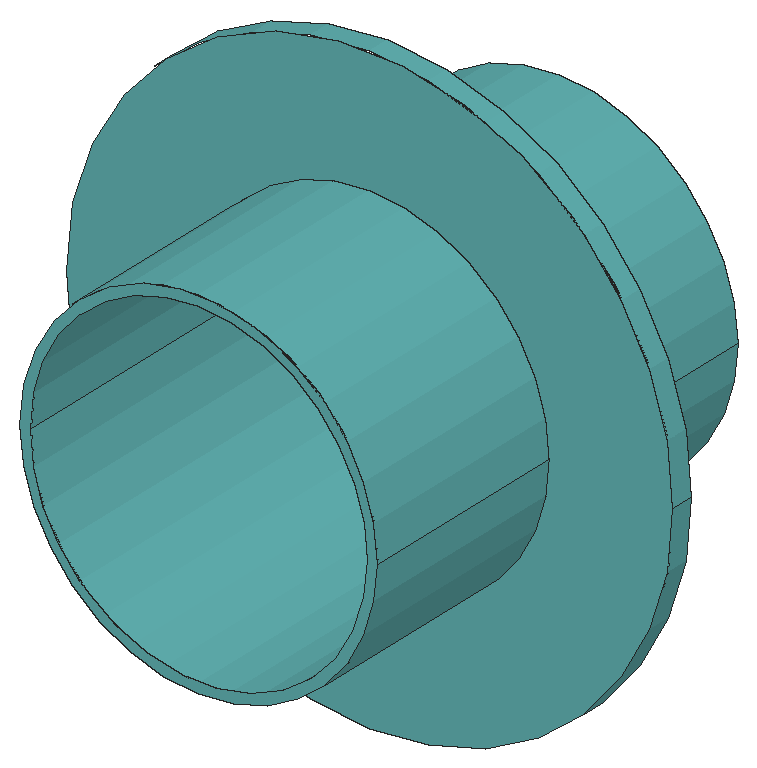
Revit family "PipeAccessory-A", category 管件, Revit 2018
Family settings
  圆形连接件大小 = 使用直径
  零件类型 = 多个端口
  基于工作平面 = 否
  总是垂直 = 是
  加载时剪切的空心 = 是
  共享 = 否
Parameters (values of type "标准")
  系统缩写 [instance] = ""
  穿管长度 [instance] = 200 mm
  穿管管径 [instance] = 100 mm
  洞口类型 [instance] = ""
  材质 = 绿漆钢
  挡圈外径 [instance] = size_lookup([02S404刚性防水套管A型], "D4", if(穿管管径 < 300 mm, 套管外径 + 110 mm, if(穿管管径 < 500 mm, 套管外径 + 120 mm, 套管外径 + 140 mm)), 穿管管径)  # 270 mm
  挡圈厚度 [instance] = size_lookup([02S404刚性防水套管A型], "b", 10 mm + rounddown(穿管管径 / 100 mm) * 2 mm, 穿管管径)  # 10 mm
  底部标高BL [instance] = 中心标高CL - 套管外径 / 2  # -79.5 mm
  套管长度 [instance] = 穿管长度 + 外伸长度 + 内伸长度  # 200 mm
  套管管径 [instance] = size_lookup([02S404刚性防水套管A型], "D0", if(穿管管径 < 32 mm, 50 mm, if(穿管管径 < 500 mm, 穿管管径 + 50 mm, 穿管管径 + 100 mm)), 穿管管径)  # 150 mm
  套管外径 [instance] = size_lookup([02S404刚性防水套管A型], "D3", if(穿管管径 < 200 mm, 穿管管径 + 60 mm, if(穿管管径 < 500 mm, 穿管管径 + 80 mm, 穿管管径 + 100 mm)), 穿管管径)  # 159 mm
  套管壁厚 [instance] = size_lookup([02S404刚性防水套管A型], "Delta", 8 mm + roundup((穿管管径 - 800 mm) / 200 mm) * 2 mm, 穿管管径)  # 4.5 mm
  套管内径 [instance] = 套管外径 - 套管壁厚 * 2  # 150 mm
  外伸长度 = 0 mm
  内伸长度 = 0 mm
  built-in parameter 1114242 [instance] = (empty or 0)
  中心标高CL [instance] = 0 mm
  02S404刚性防水套管A型 = "Rigid Waterproof Casing Pipe - A"
Reference planes
  plane 1 "中心(前/后)": y = 0
  plane 2: z = 0
  plane 3 "中心(左/右)": x = 0
  plane 4: z = 0
  plane 5: y = -100
  plane 6: y = 100
  plane 7: y = -100
  plane 8: y = 100
  plane 9: x = -79.5
  plane 10: x = 79.5
  plane 11: x = -135
  plane 12: x = 135
  plane 13: z = 79.5
  plane 14: z = -79.5
Forms (mm)
  Sweep 1, void
    path in 3D
      loop
        line (0, -100, 0) -> (0, 100, 0)
    profile origin (0, 0, 0) x (-1, 0, 0) y (0, 0, 1)
      loop
        circle (0, 0) r 79.5
  Sweep 2, solid, material "绿漆钢" <- "材质", detail levels fine
    path in 3D
      loop
        line (0, -100, 0) -> (0, 100, 0)
    profile origin (0, 0, 0) x (-1, 0, 0) y (0, 0, 1)
      loop
        circle (0, 0) r 79.5
      loop
        circle (0, 0) r 75
  Sweep 3, solid, material "绿漆钢" <- "材质", detail levels fine
    path origin (0, 0, 0) x (1, 0, 0) y (0, 1, 0)
      loop
        line (0, -5) -> (0, 5)
    profile origin (0, 0, 0) x (-1, 0, 0) y (0, 0, 1)
      loop
        circle (0, 0) r 79.5
      loop
        circle (0, 0) r 135
Lines and regions (mm)
  reference lines
    curve 1: line (0, -100, 0) -> (0, 100, 0)
  sketch lines
    curve 2: line (0, -100, 0) -> (0, 100, 0)
    curve 3: line (0, -100, 0) -> (0, 100, 0)
  model lines, style "套管洞口二维", detail levels coarse+medium
    curve 4: circle (0, 0, 0) r 135 normal (0, -1, 0)
    curve 5: circle (0, 0, 0) r 79.5 normal (0, -1, 0)
    curve 6: line (0, 100, 79.5) -> (0, -100, 79.5)
    curve 7: line (0, 100, -79.5) -> (0, -100, -79.5)
    curve 8: line (-79.5, 100, 0) -> (-79.5, -100, 0)
    curve 9: line (79.5, 100, 0) -> (79.5, -100, 0)
    curve 10: line (79.5, 0, 0) -> (135, 0, 0)
    curve 11: line (-79.5, 0, 0) -> (-135, 0, 0)
Dimensions and locks
  "内伸长度": plane 5 to plane 7
  equal spacing: plane 6, plane 1 "中心(前/后)", plane 5
  "穿管长度": plane 6 to plane 5
  "外伸长度": plane 8 to plane 6
  "挡圈厚度": Sweep 3 sketch curve to Sweep 3 sketch curve
  equal spacing: Sweep 3 sketch curve, plane 1 "中心(前/后)", Sweep 3 sketch curve
  equal spacing: plane 9, plane 3 "中心(左/右)", plane 10
  "套管外径": plane 9 to plane 10
  equal spacing: plane 11, plane 3 "中心(左/右)", plane 12
  "挡圈外径": plane 11 to plane 12
  equal spacing: plane 13, level, plane 14
  "套管外径": plane 13 to plane 14
  "套管外径": diameter of Sweep 1 sketch curve
  "套管外径": diameter of Sweep 2 sketch curve
  "套管内径": diameter of Sweep 2 sketch curve
  "套管外径": diameter of Sweep 3 sketch curve
  "挡圈外径": diameter of Sweep 3 sketch curve
  "套管外径": diameter of curve 5
  "挡圈外径": diameter of curve 4
  aligned and locked: plane 3 "中心(左/右)" to curve 1
  aligned and locked: plane 8 to curve 1
  aligned and locked: plane 7 to curve 1
  aligned and locked: curve 6 to plane 13
  aligned and locked: curve 7 to plane 14
  aligned and locked: plane 8 to curve 6
  aligned and locked: plane 8 to curve 7
  aligned and locked: plane 7 to curve 6
  aligned and locked: plane 7 to curve 7
  aligned and locked: curve 4 to plane 1 "中心(前/后)"
  aligned and locked: curve 11 to plane 1 "中心(前/后)"
  aligned and locked: plane 9 to curve 11
  aligned and locked: plane 11 to curve 11
  aligned and locked: plane 12 to curve 10
  aligned and locked: plane 10 to curve 10
Automatic sketch dimensions
  curve 8 to plane 7 = 0 mm
  plane 1 "中心(前/后)" to curve 10 = 0 mm
  curve 9 to plane 7 = 0 mm
  curve 9 to plane 8 = 0 mm
  curve 8 to plane 8 = 0 mm
  curve 4 to curve 5 = 0 mm  (x2)
  curve 5 to level = 0 mm
  curve 5 to plane 3 "中心(左/右)" = 0 mm
  Sweep 1 sketch curve to profile plane = 0 mm  (x2)
  Sweep 2 sketch curve to Sweep 2 sketch curve = 0 mm  (x2)
  Sweep 2 sketch curve to profile plane = 0 mm  (x2)
  Sweep 3 sketch curve to plane 3 "中心(左/右)" = 0 mm
  Sweep 3 sketch curve to Sweep 3 sketch curve = 0 mm  (x2)
  Sweep 3 sketch curve to level = 0 mm
  Sweep 3 sketch curve to profile plane = 0 mm
